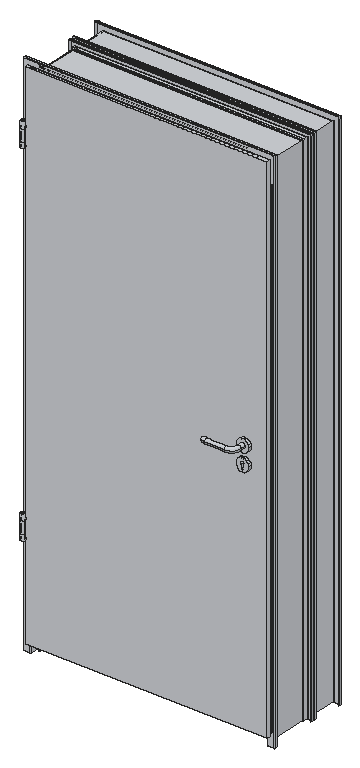
Revit family "BOS-Dehnungsfugenzarge-UuHd2_Familie", category Türen, Revit 2017 (continued)
Definition of nested family "BOS-loser-Nagelanker-und-Propelleranker-Vorderschale_Detail"
  Lines and regions (mm)
    detail lines, in view "Ref.-Ebene"
      curve 27: arc (-19.337, 0, 0) -> (-18.363, -0.12, 0) -> (-17.448, -0.474, 0) r 4
      curve 28: arc (-4.082, -10.443, 0) -> (-5.049, -10.337, 0) -> (-5.971, -10.026, 0) r 4.486
      curve 29: arc (15.529, -7.5, 0) -> (20.437, -11.685, 0) -> (17.08, -17.192, 0) r 4.97
      curve 30: arc (15.529, -10.443, 0) -> (17.515, -12.062, 0) -> (16.329, -14.333, 0) r 2.027
      curve 31: arc (7.55, -18.348, 0) -> (9.912, -16.387, 0) -> (12.747, -15.207, 0) r 10.319
      curve 32: line (-4.333, -7.5, 0) -> (-17.448, -0.474, 0)
      curve 33: line (-5.971, -10.026, 0) -> (-19.086, -3, 0)
      curve 34: line (-19.086, -3, 0) -> (-84.366, -3, 0)
      curve 35: line (17.08, -17.192, 0) -> (-6.179, -23.162, 0)
      curve 36: line (-6.49, -21.951, 0) -> (7.55, -18.348, 0)
      curve 37: line (12.747, -15.207, 0) -> (16.329, -14.333, 0)
      curve 38: line (15.529, -7.5, 0) -> (-4.333, -7.5, 0)
      curve 39: line (15.529, -10.443, 0) -> (-4.082, -10.443, 0)
      curve 40: line (-19.337, 0, 0) -> (-104.5, 0, 0)
      curve 41: arc (-89.855, -1.25, 0) -> (-87.239, -2.529, 0) -> (-84.366, -3, 0) r 9.994
      curve 42: line (-104.5, 0, 0) -> (-104.5, -1.25, 0)
      curve 43: line (-104.5, -1.25, 0) -> (-89.855, -1.25, 0)
      curve 45: line (-6.49, -21.951, 0) -> (-6.179, -23.162, 0)
      curve 46: line (5, 50, 0) -> (20, 87.375, 0)
      curve 47: line (20, 87.375, 0) -> (21.392, 86.816, 0)
      curve 48: line (21.392, 86.816, 0) -> (6.653, 50.091, 0)
    detail lines, in view "Ref.-Ebene", not visible
      curve 8: arc (-156.874, -155.441, 0) -> (-155.9, -155.562, 0) -> (-154.985, -155.915, 0) r 4
      curve 9: arc (-141.619, -165.884, 0) -> (-142.586, -165.779, 0) -> (-143.507, -165.467, 0) r 4.486
      curve 10: arc (-122.007, -162.941, 0) -> (-117.1, -167.126, 0) -> (-120.456, -172.633, 0) r 4.97
      curve 11: arc (-122.007, -165.884, 0) -> (-120.022, -167.503, 0) -> (-121.207, -169.774, 0) r 2.027
      curve 12: arc (-129.986, -173.789, 0) -> (-127.624, -171.828, 0) -> (-124.79, -170.648, 0) r 10.319
      curve 13: line (-141.87, -162.941, 0) -> (-154.985, -155.915, 0)
      curve 14: line (-143.507, -165.467, 0) -> (-156.623, -158.441, 0)
      curve 15: line (-156.623, -158.441, 0) -> (-221.903, -158.441, 0)
      curve 16: line (-120.456, -172.633, 0) -> (-143.716, -178.603, 0)
      curve 17: line (-144.026, -177.393, 0) -> (-129.986, -173.789, 0)
      curve 18: line (-124.79, -170.648, 0) -> (-121.207, -169.774, 0)
      curve 19: line (-122.007, -162.941, 0) -> (-141.87, -162.941, 0)
      curve 20: line (-122.007, -165.884, 0) -> (-141.619, -165.884, 0)
      curve 21: line (-156.874, -155.441, 0) -> (-242.036, -155.441, 0)
      curve 22: arc (-227.391, -156.691, 0) -> (-224.776, -157.97, 0) -> (-221.903, -158.441, 0) r 9.994
      curve 23: line (-242.036, -155.441, 0) -> (-242.036, -156.691, 0)
      curve 24: line (-242.036, -156.691, 0) -> (-227.391, -156.691, 0)
      curve 26: line (-144.026, -177.393, 0) -> (-143.716, -178.603, 0)
    reference lines, in view "Ref.-Ebene", not visible
      curve 25: line (-145.536, -185.548, 0) -> (-145.536, -148.379, 0)
    reference lines, in view "Ref.-Ebene"
      curve 44: line (-8, -30.107, 0) -> (-8, 7.062, 0)
  Dimensions and locks
    plane 4 to plane 6 = 0 mm
    plane 7 to plane 1 = 15 mm
    "MW Maulweite": plane 7 to plane 6
    plane 8 to plane 3 = 120 mm
    plane 3 to plane 5 = 5 mm
    "Bügelankerlänge": plane 10 to plane 11
    "Abbiegung vorne": plane 5 to plane 12
    "Einfügepunkt": plane 3 to plane 13
    equal spacing: plane 1, plane 9, plane 6
    equal spacing: plane 10, plane 9, plane 11
    "Spiegel vorne": plane 14 to plane 13
    "Abbiegung hinten": plane 5 to plane 15
    curve 5 to curve 7 = 1.5 mm
    curve 48 to curve 46 = 1.5 mm
    aligned and locked: plane 4 to curve 3
    aligned and locked: plane 5 to curve 2
    aligned and locked: plane 9 to curve 7
    aligned and locked: plane 11 to curve 6
    aligned and locked: plane 12 to curve 7
    aligned and locked: curve 40 to plane 1
    aligned and locked: plane 14 to curve 44
  Automatic sketch dimensions
    curve 6 to curve 5 = 1.5 mm  (x2)
    curve 25 to curve 25 = 37.169 mm
    curve 23 to curve 24 = 14.645 mm
    curve 24 to curve 15 = 5.489 mm
    curve 15 to curve 22 = 0.163 mm
    curve 15 to curve 8 = 65.029 mm
    curve 8 to curve 15 = 0.251 mm
    curve 8 to curve 13 = 1.889 mm
    curve 14 to curve 19 = 1.638 mm
    curve 13 to curve 9 = 0.251 mm
    curve 18 to curve 12 = 2.503 mm
    curve 12 to curve 11 = 2.782 mm
    curve 10 to curve 18 = 0.8 mm
    curve 18 to curve 16 = 0.751 mm
    curve 21 to curve 22 = 6.993 mm
    curve 13 to curve 8 = 0.474 mm
    curve 24 to curve 21 = 1.25 mm
    curve 9 to curve 13 = 5.482 mm
    curve 19 to curve 9 = 1.544 mm
    curve 14 to curve 13 = 2.526 mm
    curve 10 to curve 20 = 2.027 mm
    curve 18 to curve 18 = 0.874 mm
    curve 17 to curve 18 = 3.141 mm
    curve 10 to curve 11 = 0 mm  (x4)
    curve 17 to curve 9 = 11.509 mm
    curve 16 to curve 17 = 1.211 mm
    curve 8 to curve 17 = 12.847 mm
    curve 17 to curve 26 = 0.311 mm
    curve 17 to curve 14 = 0.519 mm
    curve 44 to curve 44 = 37.169 mm
    curve 42 to curve 43 = 14.645 mm
    curve 43 to curve 34 = 5.489 mm
    curve 34 to curve 41 = 0.163 mm
    curve 34 to curve 27 = 65.029 mm
    curve 27 to curve 34 = 0.251 mm
    curve 27 to curve 32 = 1.889 mm
    curve 33 to curve 38 = 1.638 mm
    curve 32 to curve 28 = 0.251 mm
    curve 37 to curve 31 = 2.503 mm
    curve 31 to curve 30 = 2.782 mm
    curve 29 to curve 37 = 0.8 mm
    curve 37 to curve 35 = 0.751 mm
    curve 40 to curve 41 = 6.993 mm
    curve 32 to curve 27 = 0.474 mm
    curve 43 to curve 40 = 1.25 mm
    curve 28 to curve 32 = 5.482 mm
    curve 38 to curve 28 = 1.544 mm
    curve 33 to curve 32 = 2.526 mm
    curve 29 to curve 39 = 2.027 mm
    curve 37 to curve 37 = 0.874 mm
    curve 36 to curve 37 = 3.141 mm
    curve 29 to curve 30 = 0 mm  (x4)
    curve 36 to curve 28 = 11.509 mm
    curve 35 to curve 36 = 1.211 mm
    curve 27 to curve 36 = 12.847 mm
    curve 36 to curve 45 = 0.311 mm
    curve 36 to curve 33 = 0.519 mm
    curve 3 to plane 8 = 0 mm
    plane 1 to curve 1 = 0 mm
    curve 1 to plane 8 = 0 mm
    curve 4 to plane 3 = 0 mm
    curve 48 to curve 46 = 39.601 mm
    curve 46 to curve 48 = 1.5 mm
    curve 48 to curve 46 = 1.5 mm
    curve 48 to curve 46 = 1.655 mm
    curve 47 to plane 10 = 0 mm
    curve 47 to plane 15 = 0 mm
    plane 9 to curve 46 = 0 mm
Definition of nested family "BOS-Info-Texte_Beschriftung"
  Parameters (values of type "Maulweite-Dehnungsfuge Fehlermeldung")
    Unten = no
    Oben = yes
    Info-Text unten En = "Kein Text"
    Info-Text unten De = "Kein Text"
    Info-Text En = "Check the wall thickness and/or expansion joint!"
    Englisch unten = and(Unten, Englisch)  # no
    Englisch oben = and(Oben, Englisch)  # no
    Englisch = no
    Info-Text De = "Wandstärke und/oder Dehnungsfuge prüfen!"
    Warndreieck = no
    Fehlerkreis = yes
    Deutsch unten = and(Unten, Deutsch)  # no
    Deutsch oben = and(Oben, Deutsch)  # yes
    Deutsch = not(Englisch)  # yes
    Ausrufezeichen = "!"
  Types (10, lengths in mm): name | Unten | Oben | Info-Text unten En | Info-Text unten De | Info-Text En | Info-Text De | Warndreieck | Fehlerkreis | Deutsch unten | Deutsch oben
    Rechtliche Hinweise | no | yes | "Kein Text" | "Kein Text" | "In accordance with the protection note according to DIN 34, the ownership and copyrights are reserved!\r\n© 2016 BOS GmbH, Emsdetten, Germany -\r\nObserve the ISO 16016 protective label (see ID data)!\r\n\r\nSubject to technical change!" | "Entsprechend dem Schutzvermerk nach DIN 34 behalten wir uns Eigentum und Urheberrecht vor!\r\n© 2016 BOS GmbH, Emsdetten, Deutschland -\r\nSchutzvermerk ISO 16016 beachten (siehe ID-Daten)!\r\n\r\nTechnische Änderungen vorbehalten!" | no | no | no | yes
    Maulweite Fehlermeldung | no | yes | "Kein Text" | "Kein Text" | "Check the wall thickness!" | "Wandstärke prüfen!" | no | yes | no | yes
    Rohbaumaß Warnung | no | yes | "Kein Text" | "Kein Text" | "For DIN door leaves, select larger structural wall measurements!" | "Bei DIN-Türblatt Rohbaumaße größer wählen!" | no | no | no | yes
    Verstellbereich | no | yes | "Kein Text" | "Kein Text" | "Adjustment area from -5 to +15mm,\r\nother adjustment areas possible" | "Verstellbereich von -5 bis +15mm\r\nanderer Verstellbereich möglich" | no | no | no | yes
    Verstellbereich wSvdW | no | yes | "Kein Text" | "Kein Text" | "Adjustment area in the soffit from -2 to +15mm,\r\nother adjustment areas possible" | "Verstellbereich in der Zargenleibung von -2 bis +15mm\r\nanderer Verstellbereich möglich" | no | no | no | yes
    Maulweite Auswahl | no | yes | "Kein Text" | "Kein Text" | "To adjust Receiving Opening see 'Features'" | "Anpassung von MW Maulweite unter 'Eigenschaften'" | no | no | no | yes
    Technische Hinweise 15Nz15Z | no | yes | "Kein Text" | "Kein Text" | "Due to manufacturing reasons this Revit family may not be changed\r\nwithout consulting BOS!\r\n\r\nDo not mirror frames (door list)!\r\nsee ‘Features’: DIN left / DIN right\r\n\r\nThe solid and stud walls or, for example, their profiles,\r\nmust be designed so that they can reliably and sustainably\r\nabsorb the static and dynamic forces resulting\r\nfrom the load on the door element used.\r\n\r\nAttention for stud walls:\r\nunderlay from site required, no standard structural wall measurement possible!\r\nFor selection \"stud walls\":\r\nsee 'Features' (remove tick for brick walls)" | "Diese Revit-Familie darf aus fertigungstechnischen Gründen\r\nnicht ohne Rücksprache mit BOS abgeändert werden!\r\n\r\nZargen nicht spiegeln (Türliste)!\r\nsiehe 'Eigenschaften': DIN links / DIN rechts\r\n\r\nDie Massiv- und Ständerwerkswände bzw. deren Profile\r\nmüssen so ausgebildet sein, dass sie die statischen\r\nund dynamischen Kräfte, welche sich aus der Belastung\r\nder verwendeten Türelements ergeben, zuverlässig\r\nund nachhaltig aufnehmen können.\r\n\r\nAchtung bei Ständerwerk:\r\nbauseitige Unterfütterung erforderlich, kein Standard-Rohbaumaß möglich!\r\nFür Auswahl \"Ständerwerk\": \r\nsiehe 'Eigenschaften' (Häkchen entfernen bei Mauerwerk)" | no | no | no | yes
    Technische Hinweise | no | yes | "Kein Text" | "Kein Text" | "Due to manufacturing reasons this Revit family may not be changed\r\nwithout consulting BOS!\r\n\r\nDo not mirror frames (door list)!\r\nsee ‘Features’: DIN left / DIN right\r\n\r\nThe solid and stud walls or, for example, their profiles,\r\nmust be designed so that they can reliably and sustainably\r\nabsorb the static and dynamic forces resulting\r\nfrom the load on the door element used." | "Diese Revit-Familie darf aus fertigungstechnischen Gründen\r\nnicht ohne Rücksprache mit BOS abgeändert werden!\r\n\r\nZargen nicht spiegeln (Türliste)!\r\nsiehe 'Eigenschaften': DIN links / DIN rechts\r\n\r\nDie Massiv- und Ständerwerkswände bzw. deren Profile\r\nmüssen so ausgebildet sein, dass sie die statischen\r\nund dynamischen Kräfte, welche sich aus der Belastung\r\nder verwendeten Türelements ergeben, zuverlässig\r\nund nachhaltig aufnehmen können." | no | no | no | yes
    Drückerhöhe Warnung | yes | no | "Please take the handle depth/height and/or DIN opening direction into account" | "Drückertiefen/-höhen und/oder DIN Richtungen beachten/anpassen!" | "Kein Text" | "Kein Text" | yes | no | yes | no
    Maulweite-Dehnungsfuge Fehlermeldung | no | yes | "Kein Text" | "Kein Text" | "Check the wall thickness and/or expansion joint!" | "Wandstärke und/oder Dehnungsfuge prüfen!" | no | yes | no | yes
  Reference planes
    plane 1: y = 0.955
    plane 2: x = 0
  Lines and regions (mm)
    Filled region 1, type "Gefüllter Bereich Gelb", visible <- "Warndreieck"
      outline origin (-7.188, 1.747, 0) x (1, 0, 0) y (0, 1, 0)
        loop
          line (5.951, -3.033) -> (8.413, -3.033) -> (7.182, -0.9) -> (5.951, -3.033)
    Filled region 2, type "Gefüllter Bereich Rot", visible <- "Fehlerkreis"
      outline origin (0, -3.763, 0) x (1, 0, 0) y (0, 1, 0)
        loop
          circle (0, 3.1) r 1.5
        loop
          line (-0.937, 3.486) -> (-0.937, 2.686) -> (1.023, 2.686) -> (1.023, 3.486) -> (-0.937, 3.486)
    Filled region 3, type "Gefüllter Bereich Weiss", visible <- "Fehlerkreis"
      outline origin (-7.014, -2.062, 0) x (1, 0, 0) y (0, 1, 0)
        loop
          line (6.077, 1.785) -> (6.077, 0.985) -> (8.038, 0.985) -> (8.038, 1.785) -> (6.077, 1.785)
  Text (mm)
    label "Info-Text De" at (0.065, 1.415, 0), shows "Info-Text De", visible <- "Deutsch oben"
    label "!" at (0.065, -0.414, 0), shows "Ausrufezeichen", visible <- "Warndreieck"
    label "Info-Text En" at (0.065, 1.415, 0), shows "Info-Text En", visible <- "Englisch oben"
    label "Info-Text unten De" at (0.065, -2.419, 0), shows "Info-Text unten De", visible <- "Deutsch unten"
    label "Info-Text unten En" at (0.065, -2.419, 0), shows "Info-Text unten En", visible <- "Englisch unten"
  Dimensions and locks
    aligned and locked: Filled region 3 sketch curve to Filled region 2  (x4)
Definition of nested family "BOS-loser-Nagelanker-und-Propelleranker-Hinterschale_Detail"
  Parameters (values of type "BOS-loser-Nagelanker-und-Propelleranker-Hinterschale_Detail")
    URL = "www.BestOfSteel.de"
    Spiegel hinten = 30 mm
    Rechtliche Hinweise = "www.BestOfSteel.de/tools-downloads/bim-building-information-modeling/"
    Model = ""
    MW1 Maulweite = 130 mm
    MW2 Maulweite = 100 mm
    Dehnungsfuge = 20 mm
    Blechstärke = 1.5 mm
    BOS-Architekten-Beratung = "Tel.: +49 (0) 2572 203-203, Fax -209; E-Mail: architekten@BestOfSteel.de"
    Allgemeine Informationen zu Stahlzargen = "www.BestOfSteel.de/tools-downloads/technische-infos-rund-um-die-stahlzarge/"
    Manufacturer = "BOS GmbH Best Of Steel, Lütkenfelde 4, D-48282 Emsdetten"
    Falzaufschlag gesamt = 15 mm
    Einfügepunkt = 22 mm
    Bügelankerlänge = 0.68 * MW2 Maulweite  # 68 mm
    Description = "loser Nagelanker und Propelleranker (Hinterschale)"
    Keynote = "BOS Detail"
    Abbiegung vorne = 10 mm
    Abbiegung hinten = 10 mm
  Reference planes
    plane 1: y = 0
    plane 2: z = 0
    plane 3: x = 0
    plane 4: y = 85
    plane 5: x = 5
    plane 6: y = 100
    plane 7: y = 0
    plane 8: x = -120
    plane 9: y = 42.5
    plane 10: y = 76.5
    plane 11: y = 8.5
    plane 12: x = 15
    plane 13: x = 22
    plane 14: x = 37
    plane 15: x = 7
    plane 16: x = 15
    plane 17: y = -20
    plane 18: y = -150
  Lines and regions (mm)
    detail lines, in view "Ref.-Ebene"
      curve 1: line (-120, 0, 0) -> (5, 0, 0)
      curve 2: line (5, 0, 0) -> (5, 85, 0)
      curve 3: line (5, 85, 0) -> (-120, 85, 0)
      curve 4: line (0, 85, 0) -> (0, 0, 0)
      curve 5: line (6.564, 42.5, 0) -> (16.439, 8.923, 0)
      curve 6: line (16.439, 8.923, 0) -> (15, 8.5, 0)
      curve 7: line (15, 8.5, 0) -> (5, 42.5, 0)
      curve 8: arc (-4.337, 85, 0) -> (-3.363, 85.12, 0) -> (-2.448, 85.474, 0) r 4
      curve 9: arc (10.918, 95.443, 0) -> (9.951, 95.337, 0) -> (9.029, 95.026, 0) r 4.486
      curve 10: arc (30.529, 92.5, 0) -> (35.437, 96.685, 0) -> (32.08, 102.192, 0) r 4.97
      curve 11: arc (30.529, 95.443, 0) -> (32.515, 97.062, 0) -> (31.329, 99.333, 0) r 2.027
      curve 12: arc (22.55, 103.348, 0) -> (24.912, 101.387, 0) -> (27.747, 100.207, 0) r 10.319
      curve 13: line (10.667, 92.5, 0) -> (-2.448, 85.474, 0)
      curve 14: line (9.029, 95.026, 0) -> (-4.086, 88, 0)
      curve 15: line (-4.086, 88, 0) -> (-69.366, 88, 0)
      curve 16: line (32.08, 102.192, 0) -> (8.821, 108.162, 0)
      curve 17: line (8.51, 106.951, 0) -> (22.55, 103.348, 0)
      curve 18: line (27.747, 100.207, 0) -> (31.329, 99.333, 0)
      curve 19: line (30.529, 92.5, 0) -> (10.667, 92.5, 0)
      curve 20: line (30.529, 95.443, 0) -> (10.918, 95.443, 0)
      curve 21: line (-4.337, 85, 0) -> (-89.5, 85, 0)
      curve 22: arc (-74.855, 86.25, 0) -> (-72.239, 87.529, 0) -> (-69.366, 88, 0) r 9.994
      curve 23: line (-89.5, 85, 0) -> (-89.5, 86.25, 0)
      curve 24: line (-89.5, 86.25, 0) -> (-74.855, 86.25, 0)
      curve 26: line (8.51, 106.951, 0) -> (8.821, 108.162, 0)
      curve 46: line (6.564, 42.5, 0) -> (16.439, 76.077, 0)
      curve 47: line (5, 42.5, 0) -> (15, 76.5, 0)
      curve 48: line (15, 76.5, 0) -> (16.439, 76.077, 0)
    reference lines, in view "Ref.-Ebene"
      curve 25: line (7, 115.107, 0) -> (7, 77.938, 0)
    detail lines, in view "Ref.-Ebene", not visible
      curve 27: arc (-156.874, -155.441, 0) -> (-155.9, -155.562, 0) -> (-154.985, -155.915, 0) r 4
      curve 28: arc (-141.619, -165.884, 0) -> (-142.586, -165.779, 0) -> (-143.507, -165.467, 0) r 4.486
      curve 29: arc (-122.007, -162.941, 0) -> (-117.1, -167.126, 0) -> (-120.456, -172.633, 0) r 4.97
      curve 30: arc (-122.007, -165.884, 0) -> (-120.022, -167.503, 0) -> (-121.207, -169.774, 0) r 2.027
      curve 31: arc (-129.986, -173.789, 0) -> (-127.624, -171.828, 0) -> (-124.79, -170.648, 0) r 10.319
      curve 32: line (-141.87, -162.941, 0) -> (-154.985, -155.915, 0)
      curve 33: line (-143.507, -165.467, 0) -> (-156.623, -158.441, 0)
      curve 34: line (-156.623, -158.441, 0) -> (-221.903, -158.441, 0)
      curve 35: line (-120.456, -172.633, 0) -> (-143.716, -178.603, 0)
      curve 36: line (-144.026, -177.393, 0) -> (-129.986, -173.789, 0)
      curve 37: line (-124.79, -170.648, 0) -> (-121.207, -169.774, 0)
      curve 38: line (-122.007, -162.941, 0) -> (-141.87, -162.941, 0)
      curve 39: line (-122.007, -165.884, 0) -> (-141.619, -165.884, 0)
      curve 40: line (-156.874, -155.441, 0) -> (-242.036, -155.441, 0)
      curve 41: arc (-227.391, -156.691, 0) -> (-224.776, -157.97, 0) -> (-221.903, -158.441, 0) r 9.994
      curve 42: line (-242.036, -155.441, 0) -> (-242.036, -156.691, 0)
      curve 43: line (-242.036, -156.691, 0) -> (-227.391, -156.691, 0)
      curve 45: line (-144.026, -177.393, 0) -> (-143.716, -178.603, 0)
    reference lines, in view "Ref.-Ebene", not visible
      curve 44: line (-145.536, -185.548, 0) -> (-145.536, -148.379, 0)
  Dimensions and locks
    plane 4 to plane 6 = 15 mm
    plane 7 to plane 1 = 0 mm
    "MW2 Maulweite": plane 7 to plane 6
    plane 8 to plane 3 = 120 mm
    plane 3 to plane 5 = 5 mm
    "Bügelankerlänge": plane 10 to plane 11
    "Abbiegung vorne": plane 5 to plane 12
    "Einfügepunkt": plane 3 to plane 13
    equal spacing: plane 7, plane 9, plane 4
    equal spacing: plane 10, plane 9, plane 11
    "Falzaufschlag gesamt": plane 13 to plane 14
    "Spiegel hinten": plane 15 to plane 14
    "Abbiegung hinten": plane 5 to plane 16
    curve 46 to curve 47 = 1.5 mm
    curve 5 to curve 7 = 1.5 mm
    "MW1 Maulweite": plane 17 to plane 18
    "Dehnungsfuge": plane 17 to plane 7
    aligned and locked: plane 4 to curve 3
    aligned and locked: curve 1 to plane 1
    aligned and locked: plane 5 to curve 2
    aligned and locked: plane 9 to curve 7
    aligned and locked: plane 11 to curve 6
    aligned and locked: plane 12 to curve 7
    aligned and locked: plane 4 to curve 21
    aligned and locked: curve 25 to plane 15
  Automatic sketch dimensions
    curve 6 to curve 5 = 1.5 mm  (x2)
    curve 3 to plane 8 = 0 mm
    curve 1 to plane 8 = 0 mm
    curve 4 to plane 3 = 0 mm
    curve 25 to curve 25 = 37.169 mm
    curve 23 to curve 24 = 14.645 mm
    curve 24 to curve 15 = 5.489 mm
    curve 15 to curve 22 = 0.163 mm
    curve 15 to curve 8 = 65.029 mm
    curve 8 to curve 15 = 0.251 mm
    curve 8 to curve 13 = 1.889 mm
    curve 14 to curve 19 = 1.638 mm
    curve 13 to curve 9 = 0.251 mm
    curve 18 to curve 12 = 2.503 mm
    curve 12 to curve 11 = 2.782 mm
    curve 10 to curve 18 = 0.8 mm
    curve 18 to curve 16 = 0.751 mm
    curve 22 to curve 21 = 6.993 mm
    curve 8 to curve 13 = 0.474 mm
    curve 21 to curve 24 = 1.25 mm
    curve 13 to curve 9 = 5.482 mm
    curve 9 to curve 19 = 1.544 mm
    curve 13 to curve 14 = 2.526 mm
    curve 20 to curve 10 = 2.027 mm
    curve 18 to curve 18 = 0.874 mm
    curve 18 to curve 17 = 3.141 mm
    curve 10 to curve 11 = 0 mm  (x4)
    curve 9 to curve 17 = 11.509 mm
    curve 17 to curve 16 = 1.211 mm
    curve 8 to curve 17 = 12.847 mm
    curve 17 to curve 26 = 0.311 mm
    curve 17 to curve 14 = 0.519 mm
    curve 44 to curve 44 = 37.169 mm
    curve 42 to curve 43 = 14.645 mm
    curve 43 to curve 34 = 5.489 mm
    curve 34 to curve 41 = 0.163 mm
    curve 34 to curve 27 = 65.029 mm
    curve 27 to curve 34 = 0.251 mm
    curve 27 to curve 32 = 1.889 mm
    curve 33 to curve 38 = 1.638 mm
    curve 32 to curve 28 = 0.251 mm
    curve 37 to curve 31 = 2.503 mm
    curve 31 to curve 30 = 2.782 mm
    curve 29 to curve 37 = 0.8 mm
    curve 37 to curve 35 = 0.751 mm
    curve 40 to curve 41 = 6.993 mm
    curve 32 to curve 27 = 0.474 mm
    curve 43 to curve 40 = 1.25 mm
    curve 28 to curve 32 = 5.482 mm
    curve 38 to curve 28 = 1.544 mm
    curve 33 to curve 32 = 2.526 mm
    curve 29 to curve 39 = 2.027 mm
    curve 37 to curve 37 = 0.874 mm
    curve 36 to curve 37 = 3.141 mm
    curve 29 to curve 30 = 0 mm  (x4)
    curve 36 to curve 28 = 11.509 mm
    curve 35 to curve 36 = 1.211 mm
    curve 27 to curve 36 = 12.847 mm
    curve 36 to curve 45 = 0.311 mm
    curve 36 to curve 33 = 0.519 mm
    curve 46 to curve 48 = 35.031 mm
    curve 48 to curve 48 = 1.5 mm  (x2)
    curve 47 to curve 46 = 1.564 mm
    curve 47 to plane 16 = 0 mm
    curve 48 to plane 10 = 0 mm
    plane 9 to curve 47 = 0 mm
Definition of nested family "BOS-Logo_Modell"
  Parameters (values of type "BOS-Logo_Modell")
    URL = "www.BestOfSteel.de"
    Keynote = "BOS Logo"
  Reference planes
    plane 1: y = 0
    plane 2: z = 0
    plane 3: x = 0
    plane 4: x = -7
    plane 5: x = 7
    plane 6: y = 10
    plane 7: y = 0.5
    plane 8: x = 15
    plane 9: y = 5
    plane 10: x = -15
    plane 11: y = 15
  Dimensions and locks
    plane 7 to plane 1 = 0.5 mm
    plane 4 to plane 3 to plane 5 = 7 mm, 7 mm
    equal spacing: plane 6, plane 9, plane 1
    plane 10 to plane 3 to plane 8 = 15 mm, 15 mm
    plane 1 to plane 6 to plane 11 = 10 mm, 5 mm
    aligned and locked: level to plane 2
    aligned and locked: plane 7 to import instance  (x2)
    aligned and locked: plane 3 to import instance  (x2)
Types (4, lengths in mm): name | UsFHd2 | UuFHd2 | Wandstärke   Wall Thickness | Stumpf | MW1 Maulweite   Receiving Opening 1 | LDH Lichte Durchgangs Höhe   Clearance Height | LDB Lichte Durchgangs Breite   Clearance Width | Gefälzt | Türblattstärke 3 | Türblattstärke 2 | Türblattstärke 1 | Türblattstärke | Türblattversatz | UsHd2 | UuHd2 | Modell | GT1 Gesamttiefe Zarge   Total Profile Depth 1 | GT Gesamttiefe_Zarge   Total Profile Depth | Falztiefe gesamt | Falztiefe | Falzaufschlag gesamt | Einfachfalz | Doppelfalz | Dichtungsversatz vertikal 2 | Dichtungsversatz vertikal 1 | Dichtung 2 | Bänder - Auswahl | Beschreibung
  UuHd2 | no | no | 200 | no | 200 | 2093 | 936 | yes | 0 | 25.5 | 14.5 | 40 | 26 | no | yes | "UuHd2" | 215 | 355 | 28.5 | 28.5 | 15 | yes | no | 53.5 | 28.5 | no | "3D Bänder gefälzt, Bandaufnahmen BVX11000" | "Dehnungsfugenzarge Typ 2, gefälzt"
  UsHd2 | no | no | 200 | yes | 200 | 2093 | 936 | no | 0 | 40 | 0 | 40 | 8 | yes | no | "UsHd2" | 215 | 355 | 46.5 | 46.5 | 15 | yes | no | 71.5 | 46.5 | no | "3D Bänder stumpf, Bandaufnahmen BVX11000" | "Dehnungsfugenzarge Typ 2, stumpf"
  UuFHd2 | no | yes | 200 | no | 200 | 2078 | 906 | yes | 25 | 25.5 | 14.5 | 65 | 26 | no | no | "UuFHd2" | 215 | 355 | 53.5 | 28.5 | 30 | no | yes | 53.5 | 28.5 | yes | "3D Bänder gefälzt, Bandaufnahmen BVX11000" | "Dehnungsfugenzarge Typ 2, gefälzt, mit Doppelfalz"
  UsFHd2 | yes | no | 130 | yes | 130 | 2078 | 906 | no | 25 | 40 | 0 | 65 | 8 | no | no | "UsFHd2" | 145 | 285 | 71.5 | 46.5 | 30 | no | yes | 71.5 | 46.5 | yes | "3D Bänder stumpf, Bandaufnahmen BVX11000" | "Dehnungsfugenzarge Typ 2, stumpf, mit Doppelfalz"
